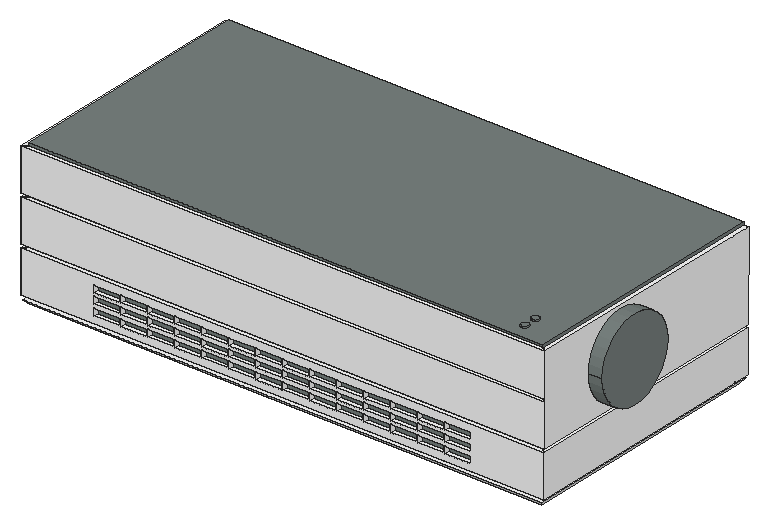
Revit family "AM 500 HBDE", category Mechanical Equipment, Revit 2019
Family settings
  Round Connector Dimension = Use Diameter
  Part Type = Normal
  OmniClass Number = 23.75.00.00
  OmniClass Title = Climate Control (HVAC)
  Work Plane-Based = No
  Always vertical = Yes
  Cut with Voids When Loaded = No
  Shared = No
  Room Calculation Point = No
Parameters
  Weight (Standard Unit) = 108  # constant formula
  Water Heater Surface Return = 10 mm  # constant formula
  Water Heater Surface IN = 10 mm  # constant formula
  Visible [instance] = yes
  URL = "www.airmaster-as.com"
  Total Width = 1600 mm  # constant formula
  Total Hight = 439 mm  # constant formula
  Top Panel [instance] = yes
  T-C Duct Supply = 171.3 mm  # constant formula
  T-C Duct Exhaust = 171.3 mm  # constant formula
  Suply Air In = 250 mm  # constant formula
  Side panel Top [instance] = yes
  Side panel Middle [instance] = yes
  Side panel Buttom [instance] = yes
  R-C Duct Supply = 238 mm  # constant formula
  Phase 1 - Max Power Consumption = "1762 W"
  Phase 1 - Max Current = "8,1 A"
  Nominal current, electrical preheating surface = "4,4 A"
  Nominal current, electrical comfort heating surface = "2,6 A"
  Nominal current, air handling unit = "1,1 A"
  Network Conection = "AWG 24 CAT 5e STP"
  Model = "AM 500 HBDE"
  Middle Panel [instance] = yes
  Max. flow rate 35 dB(A) with ePM10 80% filters = 440.00 m³  # constant formula
  Max. flow rate 35 dB(A) with ePM10 55% filters = 495.00 m³  # constant formula
  Max. flow rate 35 dB(A) with ePM10 50% filters = 550.00 m³  # constant formula
  Max. flow rate 30 dB(A) with ePM10 80% filters = 344.00 m³  # constant formula
  Max. flow rate 30 dB(A) with ePM10 55% filters = 387.00 m³  # constant formula
  Max. flow rate 30 dB(A) with ePM10 50% filters = 430.00 m³  # constant formula
  Manufacturer = "Airmaster A/S"
  Maintenance [instance] = no
  L-C Duct Exhaust = 192 mm  # constant formula
  Exhaust Air = 250 mm  # constant formula
  Total Depth = 779 mm  # constant formula
  Electrical connection = "1 ~ 230 V / N / PE / 50 Hz"
  Duct Extraction = 250 mm  # constant formula
  Drawn By = "LSB"
  Condensate = 9 mm  # constant formula
  BMS Panel = "(PTS) 2x2x0,6"
  BMS Out = "(PTS) 2x2x0,6"
  BMS IN = "(PTS) 2x2x0,6"
  Airlow area [instance] = no
Reference planes
  plane 1 "Center (Front/Back)": y = 0
  plane 2: z = 0
  plane 3 "Center (Left/Right)": x = 0
  plane 4 "Center L/S": y = -779
  plane 5 "Center L/T": x = -800
  plane 6 "Center L/U": x = 800
  plane 7 "TOP": z = 439
  plane 8 "Center L/V": x = -785
  plane 9 "Center L/W": y = -764
  plane 10 "Center L/X": x = 785
  plane 11 "Panel Buttom": z = 24.45
  plane 12 "Panel Top": z = 153.45
  plane 13 "Hatch": z = 14.5
  plane 14 "Center L/Z": z = 163.4
  plane 15 "Center L/AA": z = 292.4
  plane 16 "Center L/BB": z = 302.35
  plane 17 "Center L/CC": z = 431.35
Forms (mm)
  Extrusion 1, solid, material "AM Grey"
    sketch origin (0, 0, 0) x (1, 0, 0) y (0, 1, 0)
      loop
        line (-785, 0) -> (-785, -764) -> (785, -764) -> (785, 0) -> (-785, 0)
    from 14.5 to 439
  Extrusion 2, solid, material "AM White"
    sketch origin (794.5, -1524, 24.45) x (0, -1, 0) y (-1, 0, 0)
      loop
        line (-745, -5.5) -> (-745, 1594.5) -> (-760, 1579.5) -> (-760, 9.5) -> (-745, -5.5)
    from 0 to -129
  Blend 3, solid, material "AM White"
    base sketch origin (-790.646, -1524, 14.5) x (0, -1, 0) y (1, 0, 0)
      loop
        line (-745, -2.387) -> (-745, 1583.657) -> (-1524, 1583.657) -> (-1524, -2.387) -> (-745, -2.387)
    top sketch origin (-790.646, -1524, 14.5) x (0, -1, 0) y (1, 0, 0)
      loop
        line (-760, 8.963) -> (-760, 1572.646) -> (-1509.161, 1572.646) -> (-1509.161, 8.963) -> (-760, 8.963)
    from 0 to -14.5
  Extrusion 4, void
    sketch origin (1480.036, -779, 24.45) x (1, 0, 0) y (0, 0, -1)
      loop
        line (-2055.036, -85.5) -> (-2055.036, -107.5) -> (-1977.536, -107.5) -> (-1977.536, -85.5) -> (-2055.036, -85.5)
      loop
        line (-2055.036, -53.5) -> (-2055.036, -75.5) -> (-1977.536, -75.5) -> (-1977.536, -53.5) -> (-2055.036, -53.5)
      loop
        line (-2055.036, -21.5) -> (-2055.036, -43.5) -> (-1977.536, -43.5) -> (-1977.536, -21.5) -> (-2055.036, -21.5)
      loop
        line (-1972.536, -85.5) -> (-1972.536, -107.5) -> (-1895.036, -107.5) -> (-1895.036, -85.5) -> (-1972.536, -85.5)
      loop
        line (-1972.536, -53.5) -> (-1972.536, -75.5) -> (-1895.036, -75.5) -> (-1895.036, -53.5) -> (-1972.536, -53.5)
      loop
        line (-1972.536, -21.5) -> (-1972.536, -43.5) -> (-1895.036, -43.5) -> (-1895.036, -21.5) -> (-1972.536, -21.5)
      loop
        line (-1890.036, -85.5) -> (-1890.036, -107.5) -> (-1812.536, -107.5) -> (-1812.536, -85.5) -> (-1890.036, -85.5)
      loop
        line (-1890.036, -53.5) -> (-1890.036, -75.5) -> (-1812.536, -75.5) -> (-1812.536, -53.5) -> (-1890.036, -53.5)
      loop
        line (-1890.036, -21.5) -> (-1890.036, -43.5) -> (-1812.536, -43.5) -> (-1812.536, -21.5) -> (-1890.036, -21.5)
      loop
        line (-1807.536, -85.5) -> (-1807.536, -107.5) -> (-1730.036, -107.5) -> (-1730.036, -85.5) -> (-1807.536, -85.5)
      loop
        line (-1807.536, -53.5) -> (-1807.536, -75.5) -> (-1730.036, -75.5) -> (-1730.036, -53.5) -> (-1807.536, -53.5)
      loop
        line (-1807.536, -21.5) -> (-1807.536, -43.5) -> (-1730.036, -43.5) -> (-1730.036, -21.5) -> (-1807.536, -21.5)
      loop
        line (-1725.036, -85.5) -> (-1725.036, -107.5) -> (-1647.536, -107.5) -> (-1647.536, -85.5) -> (-1725.036, -85.5)
      loop
        line (-1725.036, -53.5) -> (-1725.036, -75.5) -> (-1647.536, -75.5) -> (-1647.536, -53.5) -> (-1725.036, -53.5)
      loop
        line (-1725.036, -21.5) -> (-1725.036, -43.5) -> (-1647.536, -43.5) -> (-1647.536, -21.5) -> (-1725.036, -21.5)
      loop
        line (-1642.536, -85.5) -> (-1642.536, -107.5) -> (-1565.036, -107.5) -> (-1565.036, -85.5) -> (-1642.536, -85.5)
      loop
        line (-1642.536, -53.5) -> (-1642.536, -75.5) -> (-1565.036, -75.5) -> (-1565.036, -53.5) -> (-1642.536, -53.5)
      loop
        line (-1642.536, -21.5) -> (-1642.536, -43.5) -> (-1565.036, -43.5) -> (-1565.036, -21.5) -> (-1642.536, -21.5)
      loop
        line (-1560.036, -85.5) -> (-1560.036, -107.5) -> (-1482.536, -107.5) -> (-1482.536, -85.5) -> (-1560.036, -85.5)
      loop
        line (-1560.036, -53.5) -> (-1560.036, -75.5) -> (-1482.536, -75.5) -> (-1482.536, -53.5) -> (-1560.036, -53.5)
      loop
        line (-1560.036, -21.5) -> (-1560.036, -43.5) -> (-1482.536, -43.5) -> (-1482.536, -21.5) -> (-1560.036, -21.5)
      loop
        line (-1477.536, -85.5) -> (-1477.536, -107.5) -> (-1400.036, -107.5) -> (-1400.036, -85.5) -> (-1477.536, -85.5)
      loop
        line (-1477.536, -53.5) -> (-1477.536, -75.5) -> (-1400.036, -75.5) -> (-1400.036, -53.5) -> (-1477.536, -53.5)
      loop
        line (-1477.536, -21.5) -> (-1477.536, -43.5) -> (-1400.036, -43.5) -> (-1400.036, -21.5) -> (-1477.536, -21.5)
      loop
        line (-1395.036, -85.5) -> (-1395.036, -107.5) -> (-1317.536, -107.5) -> (-1317.536, -85.5) -> (-1395.036, -85.5)
      loop
        line (-1395.036, -53.5) -> (-1395.036, -75.5) -> (-1317.536, -75.5) -> (-1317.536, -53.5) -> (-1395.036, -53.5)
      loop
        line (-1395.036, -21.5) -> (-1395.036, -43.5) -> (-1317.536, -43.5) -> (-1317.536, -21.5) -> (-1395.036, -21.5)
      loop
        line (-1312.536, -85.5) -> (-1312.536, -107.5) -> (-1235.036, -107.5) -> (-1235.036, -85.5) -> (-1312.536, -85.5)
      loop
        line (-1312.536, -53.5) -> (-1312.536, -75.5) -> (-1235.036, -75.5) -> (-1235.036, -53.5) -> (-1312.536, -53.5)
      loop
        line (-1312.536, -21.5) -> (-1312.536, -43.5) -> (-1235.036, -43.5) -> (-1235.036, -21.5) -> (-1312.536, -21.5)
      loop
        line (-1230.036, -85.5) -> (-1230.036, -107.5) -> (-1152.536, -107.5) -> (-1152.536, -85.5) -> (-1230.036, -85.5)
      loop
        line (-1230.036, -53.5) -> (-1230.036, -75.5) -> (-1152.536, -75.5) -> (-1152.536, -53.5) -> (-1230.036, -53.5)
      loop
        line (-1230.036, -21.5) -> (-1230.036, -43.5) -> (-1152.536, -43.5) -> (-1152.536, -21.5) -> (-1230.036, -21.5)
      loop
        line (-1147.536, -85.5) -> (-1147.536, -107.5) -> (-1070.036, -107.5) -> (-1070.036, -85.5) -> (-1147.536, -85.5)
      loop
        line (-1147.536, -53.5) -> (-1147.536, -75.5) -> (-1070.036, -75.5) -> (-1070.036, -53.5) -> (-1147.536, -53.5)
      loop
        line (-1147.536, -21.5) -> (-1147.536, -43.5) -> (-1070.036, -43.5) -> (-1070.036, -21.5) -> (-1147.536, -21.5)
      loop
        line (-1065.036, -85.5) -> (-1065.036, -107.5) -> (-987.536, -107.5) -> (-987.536, -85.5) -> (-1065.036, -85.5)
      loop
        line (-1065.036, -53.5) -> (-1065.036, -75.5) -> (-987.536, -75.5) -> (-987.536, -53.5) -> (-1065.036, -53.5)
      loop
        line (-1065.036, -21.5) -> (-1065.036, -43.5) -> (-987.536, -43.5) -> (-987.536, -21.5) -> (-1065.036, -21.5)
      loop
        line (-982.536, -85.5) -> (-982.536, -107.5) -> (-905.036, -107.5) -> (-905.036, -85.5) -> (-982.536, -85.5)
      loop
        line (-982.536, -53.5) -> (-982.536, -75.5) -> (-905.036, -75.5) -> (-905.036, -53.5) -> (-982.536, -53.5)
      loop
        line (-982.536, -21.5) -> (-982.536, -43.5) -> (-905.036, -43.5) -> (-905.036, -21.5) -> (-982.536, -21.5)
    from 0 to 15
  Extrusion 5, solid, material "AM Grey"
    sketch origin (-785, -20, 0) x (0, 1, 0) y (0, 0, -1)
      loop
        arc (-34.231, -35.823) -> (-20.604, -46.468) -> (-15.509, -29.944) r 10.5
        arc (-15.509, -29.944) -> (-26.896, -26.432) -> (-34.231, -35.823) r 10.5
    from 0 to 14.9
  Extrusion 6, solid, material "AM Grey"
    sketch origin (785, 0, 0) x (0, -1, 0) y (0, 0, -1)
      loop
        circle (48.75, -36.414) r 8
    from 0 to 14.9
  Extrusion 7, solid, material "AM Grey"
    sketch origin (785, 0, 0) x (0, -1, 0) y (0, 0, -1)
      loop
        circle (48.75, -60.414) r 5.5
    from 0 to 14.9
  Extrusion 8, solid, material "AM Grey"
    sketch origin (785, 0, 0) x (0, -1, 0) y (0, 0, -1)
      loop
        arc (52.21, -82.945) -> (49.124, -78.934) -> (45.257, -82.197) r 3.5
        arc (45.257, -82.197) -> (48.376, -85.894) -> (52.21, -82.945) r 3.5
    from 0 to 14.9
  Extrusion 9, solid, material "AM Grey"
    sketch origin (785, 0, 0) x (0, -1, 0) y (0, 0, -1)
      loop
        arc (52.21, -104.867) -> (49.124, -100.856) -> (45.257, -104.119) r 3.5
        arc (45.257, -104.119) -> (48.376, -107.816) -> (52.21, -104.867) r 3.5
    from 0 to 14.9
  Extrusion 10, solid, material "AM Grey"
    sketch origin (785, 0, 0) x (0, -1, 0) y (0, 0, -1)
      loop
        arc (666.553, -391.641) -> (678.119, -403.614) -> (689.95, -391.903) r 11.7
        arc (689.95, -391.903) -> (678.381, -380.215) -> (666.553, -391.641) r 11.7
    from 0 to 2
  Extrusion 11, solid, material "AM Grey"
    sketch origin (785, 0, 0) x (0, -1, 0) y (0, 0, -1)
      loop
        arc (707.323, -393.239) -> (721.418, -403.717) -> (730.869, -388.914) r 12
        arc (730.869, -388.914) -> (717.082, -380.112) -> (707.323, -393.239) r 12
    from 0 to 2
  Extrusion 12, solid, material "AM Grey"
    sketch origin (-785, 0, 0) x (1, 0, 0) y (0, 0, -1)
      loop
        circle (1347, -267.7) r 125
    from 0 to 18.45
  Extrusion 13, solid, material "AM Grey"
    sketch origin (-785, 0, 0) x (1, 0, 0) y (0, 0, -1)
      loop
        circle (177, -267.7) r 125
    from 0 to 18.45
  Extrusion 14, solid, material "AM Grey"
    sketch origin (-2194.69, 0, 0) x (1, 0, 0) y (0, 0, -1)
      loop
        arc (1478.835, -24) -> (1493.457, -45.482) -> (1480.281, -23.084) r 13
        line (1480.281, -23.084) -> (1478.835, -24)
    from 0 to 2
  Extrusion 15, solid, material "AM Grey"
    sketch origin (0, 0, 439) x (1, 0, 0) y (0, 1, 0)
      loop
        arc (693.662, -689.53) -> (693, -667.55) -> (692.338, -689.53) r 11
        line (692.338, -689.53) -> (693.662, -689.53)
    from 0 to 2
  Extrusion 16, solid, material "AM Grey"
    sketch origin (0, 0, 439) x (1, 0, 0) y (0, 1, 0)
      loop
        arc (693.662, -730.28) -> (693, -708.3) -> (692.338, -730.28) r 11
        line (692.338, -730.28) -> (693.662, -730.28)
    from 0 to 2
  Extrusion 17, solid, material "Maintenece", visible <- "Maintenance"
    sketch origin (-790.646, -1524, 0) x (1, 0, 0) y (0, -1, 0)
      loop
        line (-9.354, -1524) -> (1590.646, -1524) -> (1590.646, -745) -> (-9.354, -745) -> (-9.354, -1524)
    from 0 to 1200
  Extrusion 18, solid, material "AM Grey"
    sketch origin (785, 0, 0) x (0, -1, 0) y (0, 0, -1)
      loop
        circle (489, -299.25) r 125
    from 0 to 60
  Extrusion 19, solid, material "AM White", visible <- "Middle Panel"
    sketch origin (794.5, -1524, 163.4) x (0, -1, 0) y (-1, 0, 0)
      loop
        line (-745, -3.5) -> (-745, 1594.5) -> (-760, 1579.5) -> (-760, 11.5) -> (-745, -3.5)
    from 0 to -129
  Extrusion 20, solid, material "AM White", visible <- "Top Panel"
    sketch origin (794.5, -1524, 302.35) x (0, -1, 0) y (-1, 0, 0)
      loop
        line (-745, -3.5) -> (-745, 1594.5) -> (-760, 1579.5) -> (-760, 11.5) -> (-745, -3.5)
    from 0 to -129
  Extrusion 21, solid, material "AM White", visible <- "Side panel Middle"
    sketch origin (794.5, -1524, 163.4) x (0, -1, 0) y (-1, 0, 0)
      loop
        line (-747, -5.5) -> (-762, 9.5) -> (-1524, 9.5) -> (-1524, -5.5) -> (-747, -5.5)
    from 0 to -267.95
  Extrusion 22, solid, material "AM White", visible <- "Side panel Buttom"
    sketch origin (-790.646, -1524, 0) x (1, 0, 0) y (0, -1, 0)
      loop
        line (5.646, -1524) -> (5.646, -760) -> (-9.354, -745) -> (-9.354, -1524) -> (5.646, -1524)
      loop
        line (1575.646, -1524) -> (1590.646, -1524) -> (1590.646, -745) -> (1575.646, -760) -> (1575.646, -1524)
    from -24.45 to -153.45
  Extrusion 23, solid, material "AM White", visible <- "Side panel Middle"
    sketch origin (-790.646, -1524, 138.95) x (1, 0, 0) y (0, -1, 0)
      loop
        line (5.646, -1524) -> (5.646, -760) -> (-9.354, -745) -> (-9.354, -1524) -> (5.646, -1524)
    from -24.45 to -153.45
  Extrusion 24, solid, material "AM White", visible <- "Side panel Top"
    sketch origin (-790.646, -1524, 277.9) x (1, 0, 0) y (0, -1, 0)
      loop
        line (5.646, -1524) -> (5.646, -760) -> (-9.354, -745) -> (-9.354, -1524) -> (5.646, -1524)
    from -24.45 to -153.45
Cuts and joins
  Extrusion 4 cuts Extrusion 1
  Extrusion 4 cuts Extrusion 2
Dimensions and locks
  "Total Depth": plane 4 "Center L/S" to plane 1 "Center (Front/Back)"
  equal spacing: plane 5 "Center L/T", plane 3 "Center (Left/Right)", plane 6 "Center L/U"
  "Total Width": plane 5 "Center L/T" to plane 6 "Center L/U"
  "Total Hight": plane 7 "TOP" to level
  locked: plane 10 "Center L/X" to plane 6 "Center L/U" at 15
  locked: plane 4 "Center L/S" to plane 9 "Center L/W" at 15
  locked: plane 5 "Center L/T" to plane 8 "Center L/V" at 15
  Extrusion 1 to Blend 3 sketch curve = 14.839 mm
  "R-C Duct Supply": plane 6 "Center L/U" to Extrusion 12 sketch curve
  "T-C Duct Supply": Extrusion 12 sketch curve to cut or joined group of Extrusion 1, Extrusion 4
  "T-C Duct Exhaust": Extrusion 13 sketch curve to plane 7 "TOP"
  "L-C Duct Exhaust": Extrusion 13 sketch curve to plane 5 "Center L/T"
  nested 2 to cut or joined group of Extrusion 2, Extrusion 4 = 500 mm
  aligned and locked: level to plane 2
  aligned and locked: plane 1 "Center (Front/Back)" to Extrusion 1 sketch curve
  aligned and locked: Extrusion 1 sketch curve to plane 8 "Center L/V"
  aligned and locked: Extrusion 1 sketch curve to plane 9 "Center L/W"
  aligned and locked: Extrusion 1 sketch curve to plane 10 "Center L/X"
  aligned and locked: plane 7 "TOP" to Extrusion 1
  aligned and locked: plane 4 "Center L/S" to Extrusion 2 sketch curve
  aligned and locked: Extrusion 2 sketch curve to Extrusion 1
  aligned and locked: Extrusion 2 to plane 12 "Panel Top"
  aligned and locked: Blend 3 to plane 2
  aligned and locked: plane 13 "Hatch" to Extrusion 1
  aligned and locked: Extrusion 17 sketch curve to cut or joined group of Extrusion 2, Extrusion 4
  aligned and locked: Extrusion 19 to plane 15 "Center L/AA"
  aligned and locked: Extrusion 20 to plane 17 "Center L/CC"
Automatic sketch dimensions
  Extrusion 2 sketch curve to plane 5 "Center L/T" = 0 mm
  Extrusion 2 sketch curve to plane 8 "Center L/V" = 0 mm
  Extrusion 2 sketch curve to plane 10 "Center L/X" = 0 mm
  Extrusion 2 sketch curve to plane 6 "Center L/U" = 0 mm
  plane 1 "Center (Front/Back)" to Blend 3 sketch curve = 0 mm
  plane 4 "Center L/S" to Blend 3 sketch curve = 0 mm
  plane 5 "Center L/T" to Blend 3 sketch curve = 6.967 mm
  Blend 3 sketch curve to plane 6 "Center L/U" = 6.989 mm
  plane 9 "Center L/W" to Blend 3 sketch curve = 0 mm
  plane 8 "Center L/V" to Blend 3 sketch curve = 3.316 mm
  Blend 3 sketch curve to plane 10 "Center L/X" = 3 mm
  Extrusion 4 sketch curve to Extrusion 2 = 43.5 mm  (x4)
  Extrusion 2 to Extrusion 4 sketch curve = 225 mm
  Extrusion 4 sketch curve to Extrusion 4 sketch curve = 0 mm  (x87)
  Extrusion 4 sketch curve to Extrusion 4 sketch curve = 77.5 mm  (x14)
  Extrusion 4 sketch curve to Extrusion 4 sketch curve = 5 mm  (x39)
  Extrusion 4 sketch curve to Extrusion 2 = 21.5 mm  (x7)
  Extrusion 4 sketch curve to Extrusion 4 sketch curve = 10 mm  (x12)
  Extrusion 4 sketch curve to Extrusion 4 sketch curve = 22 mm  (x4)
  Extrusion 5 sketch curve to Extrusion 5 sketch curve = 0 mm  (x2)
  Extrusion 1 to Extrusion 5 sketch curve = 43.75 mm
  Extrusion 1 to Extrusion 5 sketch curve = 21.95 mm
  Extrusion 5 sketch curve to Extrusion 5 sketch curve = 10.481 mm
  Extrusion 5 sketch curve to Extrusion 5 sketch curve = 8.241 mm
  Extrusion 5 sketch curve to Extrusion 5 sketch curve = 0.627 mm
  Extrusion 1 to Extrusion 6 sketch curve = 21.914 mm
  Extrusion 1 to Extrusion 6 sketch curve = 48.75 mm
  Extrusion 1 to Extrusion 7 sketch curve = 48.75 mm
  Extrusion 1 to Extrusion 7 sketch curve = 45.914 mm
  Extrusion 8 sketch curve to Extrusion 8 sketch curve = 0 mm  (x2)
  Extrusion 1 to Extrusion 8 sketch curve = 48.75 mm
  Extrusion 1 to Extrusion 8 sketch curve = 67.914 mm
  Extrusion 8 sketch curve to Extrusion 8 sketch curve = 3.493 mm
  Extrusion 8 sketch curve to Extrusion 8 sketch curve = 3.46 mm
  Extrusion 8 sketch curve to Extrusion 8 sketch curve = 0.531 mm
  Extrusion 9 sketch curve to Extrusion 9 sketch curve = 0 mm  (x2)
  Extrusion 1 to Extrusion 9 sketch curve = 48.75 mm
  Extrusion 1 to Extrusion 9 sketch curve = 89.836 mm
  Extrusion 9 sketch curve to Extrusion 9 sketch curve = 3.493 mm
  Extrusion 9 sketch curve to Extrusion 9 sketch curve = 3.46 mm
  Extrusion 9 sketch curve to Extrusion 9 sketch curve = 0.531 mm
  Extrusion 10 sketch curve to Extrusion 10 sketch curve = 0 mm  (x2)
  Extrusion 1 to Extrusion 10 sketch curve = 85.75 mm
  Extrusion 1 to Extrusion 10 sketch curve = 47.086 mm
  Extrusion 10 sketch curve to Extrusion 10 sketch curve = 11.697 mm
  Extrusion 10 sketch curve to Extrusion 10 sketch curve = 11.7 mm
  Extrusion 10 sketch curve to Extrusion 10 sketch curve = 0.011 mm
  Extrusion 11 sketch curve to Extrusion 11 sketch curve = 0 mm  (x2)
  Extrusion 1 to Extrusion 11 sketch curve = 44.75 mm
  Extrusion 1 to Extrusion 11 sketch curve = 47.086 mm
  Extrusion 11 sketch curve to Extrusion 11 sketch curve = 11.927 mm
  Extrusion 11 sketch curve to Extrusion 11 sketch curve = 11.619 mm
  Extrusion 11 sketch curve to Extrusion 11 sketch curve = 1.325 mm
  Extrusion 1 to Extrusion 14 sketch curve = 9.5 mm
  Extrusion 14 sketch curve to Extrusion 1 = 69.145 mm
  Extrusion 1 to Extrusion 14 sketch curve = 8.584 mm
  Extrusion 14 sketch curve to Extrusion 14 sketch curve = 1.446 mm
  Extrusion 14 sketch curve to Extrusion 14 sketch curve = 6.219 mm
  Extrusion 15 sketch curve to Extrusion 1 = 92.662 mm
  Extrusion 15 sketch curve to Extrusion 15 sketch curve = 0.662 mm
  Extrusion 15 sketch curve to Extrusion 1 = 74.47 mm
  Extrusion 15 sketch curve to Extrusion 15 sketch curve = 10.98 mm
  Extrusion 16 sketch curve to Extrusion 1 = 92.662 mm
  Extrusion 16 sketch curve to Extrusion 16 sketch curve = 0.662 mm
  Extrusion 16 sketch curve to Extrusion 1 = 33.72 mm
  Extrusion 16 sketch curve to Extrusion 16 sketch curve = 10.98 mm
  Extrusion 17 sketch curve to Blend 3 = 18.316 mm
  Extrusion 17 sketch curve to Blend 3 = 18 mm
  Extrusion 17 sketch curve to Blend 3 = 14.839 mm
  Extrusion 1 to Extrusion 18 sketch curve = 275 mm
  Extrusion 1 to Extrusion 18 sketch curve = 139.75 mm
  plane 9 "Center L/W" to Extrusion 19 sketch curve = 0 mm
  plane 4 "Center L/S" to Extrusion 19 sketch curve = 0 mm
  Extrusion 19 sketch curve to plane 5 "Center L/T" = 0 mm
  Extrusion 19 sketch curve to plane 8 "Center L/V" = 0 mm
  Extrusion 19 sketch curve to plane 10 "Center L/X" = 2 mm
  Extrusion 19 sketch curve to plane 6 "Center L/U" = 2 mm
  plane 9 "Center L/W" to Extrusion 20 sketch curve = 0 mm
  plane 4 "Center L/S" to Extrusion 20 sketch curve = 0 mm
  Extrusion 20 sketch curve to plane 5 "Center L/T" = 0 mm
  Extrusion 20 sketch curve to plane 8 "Center L/V" = 0 mm
  Extrusion 20 sketch curve to plane 10 "Center L/X" = 2 mm
  Extrusion 20 sketch curve to plane 6 "Center L/U" = 2 mm
  plane 1 "Center (Front/Back)" to Extrusion 21 sketch curve = 0 mm
  Extrusion 21 sketch curve to plane 10 "Center L/X" = 0 mm
  Extrusion 21 sketch curve to plane 6 "Center L/U" = 0 mm
  Extrusion 21 sketch curve to plane 9 "Center L/W" = 2 mm
  Extrusion 21 sketch curve to plane 4 "Center L/S" = 2 mm
  Extrusion 22 sketch curve to Blend 3 = 0 mm
  Blend 3 to Extrusion 22 sketch curve = 0 mm
  Extrusion 22 sketch curve to Blend 3 = 18.316 mm
  Extrusion 22 sketch curve to Blend 3 = 3.316 mm
  Extrusion 22 sketch curve to Blend 3 = 3 mm
  Extrusion 22 sketch curve to Extrusion 22 sketch curve = 15 mm
  Extrusion 22 sketch curve to Blend 3 = 15 mm  (x2)
  Extrusion 22 sketch curve to Blend 3 = 14.839 mm  (x2)
  plane 1 "Center (Front/Back)" to Extrusion 23 sketch curve = 0 mm
  Extrusion 23 sketch curve to plane 5 "Center L/T" = 0 mm
  Extrusion 23 sketch curve to plane 8 "Center L/V" = 0 mm
  plane 4 "Center L/S" to Extrusion 23 sketch curve = 0 mm
  Extrusion 23 sketch curve to plane 9 "Center L/W" = 0 mm
  plane 1 "Center (Front/Back)" to Extrusion 24 sketch curve = 0 mm
  Extrusion 24 sketch curve to plane 5 "Center L/T" = 0 mm
  Extrusion 24 sketch curve to plane 8 "Center L/V" = 0 mm
  plane 4 "Center L/S" to Extrusion 24 sketch curve = 0 mm
  Extrusion 24 sketch curve to plane 9 "Center L/W" = 0 mm
  radius of Extrusion 6 sketch curve = 8 mm
  radius of Extrusion 7 sketch curve = 5.5 mm
  radius of Extrusion 12 sketch curve = 125 mm
  radius of Extrusion 13 sketch curve = 125 mm
  radius of Extrusion 18 sketch curve = 125 mm
Nested families
  nested 1: "Model Label 2019" at (0, -361.924, 0), Label <- "Model", type "Model Label 2019"
    with Label "AM 500 HBDE"
  nested 2: "indblæssymbol" at (11.742, -829, 0) x (0, -1, 0) z (0, 0, 1), type "indblæssymbol"
    with dX_ 609 mm, dX 609 mm, ang2D 0.00°
Connectors
  piping at (-799.9, -44.87, 32.883), diameter 9, driven by "Condensate"
    settings: on Extrusion 5, index 1, connector inside diameter 609.6 mm, connector length 0 mm, flow factor 0, pipe flow 0.0 L/s, pressure drop 0.0 Pa, fitting loss kfactor 0, connector angle 0.00°, fixture units 0, engagement length 0 mm, angle of deflection 0.00°, flow configuration 0, flow direction 0, fitting loss method 0, system type 16, joint type 0, gender type 0, connector reference index -1, connector utility 0, adjustable connector no, is connector primary yes, connector description ""
  electrical at (799.9, -48.75, 36.414), driven by "Electrical connection"
    settings: on Extrusion 6, index 2, voltage 230 V, apparent load 0 VA, apparent load phase1 0 VA, apparent load phase2 0 VA, apparent load phase3 0 VA, power factor 0.58, load classification "Other", number of poles 1, system type 30, power factor state 1, is connector primary yes, connector utility no, sub classification motor no, connector description "1 ~ 230 V / N / PE / 50 Hz"
  electrical at (799.9, -48.75, 60.414), driven by "Network Conection"
    settings: on Extrusion 7, index 3, voltage 0 V, apparent load 0 VA, apparent load phase1 0 VA, apparent load phase2 0 VA, apparent load phase3 0 VA, power factor 1, load classification "Other", number of poles 1, system type 5, power factor state 1, is connector primary no, connector utility no, sub classification motor no, connector description "AWG 24 CAT 5e STP"
  electrical at (799.9, -48.733, 82.571), driven by "BMS IN"
    settings: on Extrusion 8, index 4, voltage 0 V, apparent load 0 VA, apparent load phase1 0 VA, apparent load phase2 0 VA, apparent load phase3 0 VA, power factor 1, load classification "Other", number of poles 1, system type 5, power factor state 1, is connector primary no, connector utility no, sub classification motor no, connector description "(PTS) 2x2x0,6"
  electrical at (799.9, -48.733, 104.493), driven by "BMS Out"
    settings: on Extrusion 9, index 5, voltage 0 V, apparent load 0 VA, apparent load phase1 0 VA, apparent load phase2 0 VA, apparent load phase3 0 VA, power factor 1, load classification "Other", number of poles 1, system type 5, power factor state 1, is connector primary no, connector utility no, sub classification motor no, connector description "(PTS) 2x2x0,6"
  piping at (787, -719.096, 391.076), diameter 10, driven by "Water Heater Surface IN"
    settings: on Extrusion 11, index 6, connector inside diameter 609.6 mm, connector length 0 mm, flow factor 0, pipe flow 0.0 L/s, pressure drop 0.0 Pa, fitting loss kfactor 0, connector angle 0.00°, fixture units 0, engagement length 0 mm, angle of deflection 0.00°, flow configuration 0, flow direction 1, fitting loss method 0, system type 7, joint type 0, gender type 0, connector reference index -1, connector utility 0, adjustable connector no, is connector primary no, connector description ""
  piping at (787, -678.252, 391.772), diameter 10, driven by "Water Heater Surface Return"
    settings: on Extrusion 10, index 7, connector inside diameter 609.6 mm, connector length 0 mm, flow factor 0, pipe flow 0.0 L/s, pressure drop 0.0 Pa, fitting loss kfactor 0, connector angle 0.00°, fixture units 0, engagement length 0 mm, angle of deflection 0.00°, flow configuration 0, flow direction 2, fitting loss method 0, system type 8, joint type 0, gender type 0, connector reference index -1, connector utility 0, adjustable connector no, is connector primary no, connector description ""
  piping at (-715.132, 2, 23.542), diameter 9, driven by "Condensate"
    settings: on Extrusion 14, index 8, connector inside diameter 609.6 mm, connector length 0 mm, flow factor 0, pipe flow 0.0 L/s, pressure drop 0.0 Pa, fitting loss kfactor 0, connector angle 0.00°, fixture units 0, engagement length 0 mm, angle of deflection 0.00°, flow configuration 0, flow direction 0, fitting loss method 0, system type 16, joint type 0, gender type 0, connector reference index -1, connector utility 0, adjustable connector no, is connector primary no, connector description "9"
  piping at (693, -730.28, 441), diameter 10, driven by "Water Heater Surface IN"
    settings: on Extrusion 16, index 11, connector inside diameter 609.6 mm, connector length 0 mm, flow factor 0, pipe flow 0.0 L/s, pressure drop 0.0 Pa, fitting loss kfactor 0, connector angle 0.00°, fixture units 0, engagement length 0 mm, angle of deflection 0.00°, flow configuration 0, flow direction 0, fitting loss method 0, system type 19, joint type 0, gender type 0, connector reference index -1, connector utility 0, adjustable connector no, is connector primary no, connector description ""
  piping at (693, -689.53, 441), diameter 10, driven by "Water Heater Surface Return"
    settings: on Extrusion 15, index 12, connector inside diameter 609.6 mm, connector length 0 mm, flow factor 0, pipe flow 0.0 L/s, pressure drop 0.0 Pa, fitting loss kfactor 0, connector angle 0.00°, fixture units 0, engagement length 0 mm, angle of deflection 0.00°, flow configuration 0, flow direction 0, fitting loss method 0, system type 19, joint type 0, gender type 0, connector reference index -1, connector utility 0, adjustable connector no, is connector primary no, connector description ""
  hvac at (562, 0, 267.7), driven by "Suply Air In"
    settings: on Extrusion 12, index 14, duct flow 0.0 L/s, flow factor 0, pres drop 0.0 Pa, loss coef 0, conn angle 0.00°, conn width 304.8 mm, conn height 304.8 mm, conn diameter 250 mm, duct sys type 1, conn prof type 0, flow config 0, flow direction 1, loss method 0, conn ref index -1, conn util no, is conn primary yes, conn desc ""
  hvac at (-608, 0, 267.7), driven by "Exhaust Air"
    settings: on Extrusion 13, index 15, duct flow 0.0 L/s, flow factor 0, pres drop 0.0 Pa, loss coef 0, conn angle 0.00°, conn width 304.8 mm, conn height 304.8 mm, conn diameter 250 mm, duct sys type 3, conn prof type 0, flow config 0, flow direction 2, loss method 0, conn ref index -1, conn util no, is conn primary no, conn desc ""
  hvac at (785, -489, 299.25), driven by "Suply Air In"
    settings: on Extrusion 18, index 16, duct flow 0.0 L/s, flow factor 0, pres drop 0.0 Pa, loss coef 0, conn angle 0.00°, conn width 304.8 mm, conn height 304.8 mm, conn diameter 250 mm, duct sys type 2, conn prof type 0, flow config 0, flow direction 0, loss method 0, conn ref index -1, conn util no, is conn primary no, conn desc ""
Definition of nested family "Model Label 2019"
  Parameters (values of type "Model Label 2019")
    Label [instance] = ""
  Reference planes
    plane 1: y = 0
    plane 2: x = 0
  Text (mm)
    label "Label" at (-0.131, 0.049, 0), shows "Label"
Definition of nested family "indblæssymbol"
  Parameters (values of type "indblæssymbol")
    dX_ [instance] = if(dX = 0 mm, 1 mm, dX)  # 609 mm
    dX [instance] = 609 mm
    ang2D [instance] = 0.00°
    Type Comments = "DO NOT CHANGE dX value from 608 mm ( 2 ft )"
    Afstand pil = 50 mm
  Reference planes
    plane 1 "Center (Front/Back)": y = 0
    plane 2: z = 0
    plane 3 "Center (Left/Right)": x = 0
  Lines and regions (mm)
    Filled region 1, type "Concrete", in view "Ref. Level"
      outline origin (50.005, 0, 0) x (1, 0, 0) y (0, 1, 0)
        loop
          line (399.995, 0.414) -> (301.442, 17.365) -> (301.588, -17.365) -> (399.995, 0.414)
    reference lines, in view "Ref. Level"
      curve 1: line (50, 134.129, 0) -> (50, -145.871, 0)
    detail lines, in view "Ref. Level"
      curve 2: line (351.52, 0, 0) -> (50, 0, 0)
  Dimensions and locks
    "Afstand pil": plane 3 "Center (Left/Right)" to curve 1
    curve 1 to Filled region 1 = 400 mm
  Automatic sketch dimensions
    Filled region 1 sketch curve to plane 1 "Center (Front/Back)" = 0.414 mm
    plane 3 "Center (Left/Right)" to Filled region 1 sketch curve = 450 mm
    plane 1 "Center (Front/Back)" to Filled region 1 sketch curve = 17.365 mm
    Filled region 1 sketch curve to Filled region 1 sketch curve = 98.407 mm
    Filled region 1 sketch curve to plane 1 "Center (Front/Back)" = 17.365 mm
    Filled region 1 sketch curve to Filled region 1 sketch curve = 0.146 mm
    plane 1 "Center (Front/Back)" to curve 2 = 0 mm
    plane 3 "Center (Left/Right)" to curve 2 = 50 mm
    curve 2 to curve 2 = 301.52 mm
    plane 1 "Center (Front/Back)" to curve 1 = 145.871 mm
    curve 1 to plane 1 "Center (Front/Back)" = 134.129 mm
